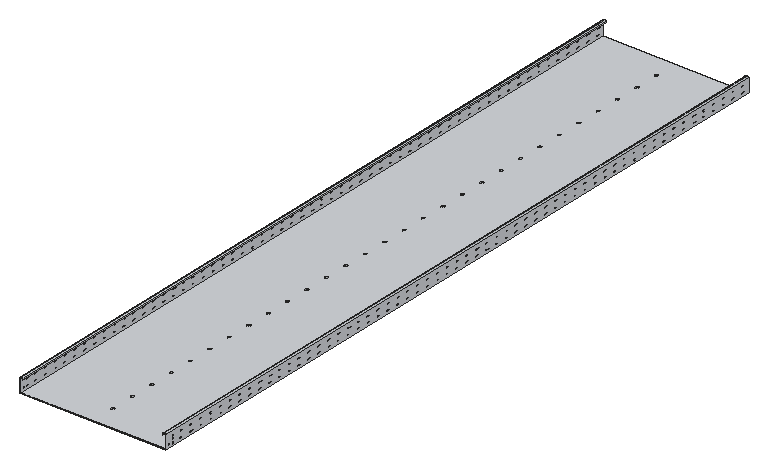
Revit family "Kabelrinne RKSM FT_615_620_630_640_650_660", category Generic Models, Revit 2017 (continued)
Dimensions and locks
  locked: cut or joined group 1 (Extrusion 1, Extrusion 5, Extrusion 8, Extrusion 10, Extrusion 11, Extrusion 13, Extrusion 14, Extrusion 15, Extrusion 16, Extrusion 17, Extrusion 18, Extrusion 19, Extrusion 20, Extrusion 21, Extrusion 22, Extrusion 23, Extrusion 24, Extrusion 25, Extrusion 26, Extrusion 27, Extrusion 28, Extrusion 29, Extrusion 30, Extrusion 31, Extrusion 32, Extrusion 33, Extrusion 34, Extrusion 35, Extrusion 36, Extrusion 37, Extrusion 38, Extrusion 39, Extrusion 40, Extrusion 41, Extrusion 42, Extrusion 43, Extrusion 44, Extrusion 45, Extrusion 46, Extrusion 47, Extrusion 48, Extrusion 49, Extrusion 50, Extrusion 51, Extrusion 52, Extrusion 53, Extrusion 54, Extrusion 55, Extrusion 56, Extrusion 57, Extrusion 58, Extrusion 59, Extrusion 60, Extrusion 61, Extrusion 62, Extrusion 63, Extrusion 64, Extrusion 65, Extrusion 66, Extrusion 67, Extrusion 68, Extrusion 69, Extrusion 70, Extrusion 71, Extrusion 72, Extrusion 73, Extrusion 74, Extrusion 75, Extrusion 76, Extrusion 77, Extrusion 78, Extrusion 79, Extrusion 80, Extrusion 81, Extrusion 82, Extrusion 83, Extrusion 84, Extrusion 85, Extrusion 86, Extrusion 87, Extrusion 88, Extrusion 89, Extrusion 90, Extrusion 91, Extrusion 92, Extrusion 93, Extrusion 94, Extrusion 95, Extrusion 96, Extrusion 97, Extrusion 98, Extrusion 99, Extrusion 100, Extrusion 101, Extrusion 102, Extrusion 103, Extrusion 104, Extrusion 105, Extrusion 106, Extrusion 107, Extrusion 108, Extrusion 109, Extrusion 110, Extrusion 111, Extrusion 112, Extrusion 113, Extrusion 114, Extrusion 115, Extrusion 116, Extrusion 117, Extrusion 118, Extrusion 119, Extrusion 120, Extrusion 121, Extrusion 122, Extrusion 123, Extrusion 124, Extrusion 125, Extrusion 126, Extrusion 127, Extrusion 128, Extrusion 129, Extrusion 130, Extrusion 131, Extrusion 132, Extrusion 133, Extrusion 134, Extrusion 135, Extrusion 136, Extrusion 137, Extrusion 138, Extrusion 139, Extrusion 140, Extrusion 141, Extrusion 142, Extrusion 143, Extrusion 144, Extrusion 145, Extrusion 146, Extrusion 147, Extrusion 148, Extrusion 149, Extrusion 150, Extrusion 151, Extrusion 152, Extrusion 153, Extrusion 154, Extrusion 155, Extrusion 156, Extrusion 157, Extrusion 158, Extrusion 159, Extrusion 160, Extrusion 161, Extrusion 162, Extrusion 163, Extrusion 164, Extrusion 165, Extrusion 166, Extrusion 167, Extrusion 168, Extrusion 169, Extrusion 170, Extrusion 171, Extrusion 172, Extrusion 173, Extrusion 174, Extrusion 175, Extrusion 176, Extrusion 177, Extrusion 178, Extrusion 179, Extrusion 180, Extrusion 181, Extrusion 182, Extrusion 183, Extrusion 184, Extrusion 185, Extrusion 186, Extrusion 187, Extrusion 188, Extrusion 189, Extrusion 190, Extrusion 191, Extrusion 192, Extrusion 193, Extrusion 194, Extrusion 195, Extrusion 196, Extrusion 197, Extrusion 198, Extrusion 199, Extrusion 200, Extrusion 201, Extrusion 202, Extrusion 203, Extrusion 204, Extrusion 205, Extrusion 206, Extrusion 207, Extrusion 208, Extrusion 209, Extrusion 210, Extrusion 211, Extrusion 212, Extrusion 213, Extrusion 214, Extrusion 215, Extrusion 216, Extrusion 217, Extrusion 218, Extrusion 219, Extrusion 220, Extrusion 221, Extrusion 222, Extrusion 223, Extrusion 224, Extrusion 225, Extrusion 226, Extrusion 227, Extrusion 228, Extrusion 229, Extrusion 230, Extrusion 231, Extrusion 232, Extrusion 233, Extrusion 234, Extrusion 235, Extrusion 236, Extrusion 237, Extrusion 238, Extrusion 239, Extrusion 240, Extrusion 241, Extrusion 242, Extrusion 243, Extrusion 244, Extrusion 245, Extrusion 246, Extrusion 247, Extrusion 248, Extrusion 249, Extrusion 250, Extrusion 251, Extrusion 252, Extrusion 253, Extrusion 254, Extrusion 255, Extrusion 256, Extrusion 257, Extrusion 258, Extrusion 259, Extrusion 260, Extrusion 261, Extrusion 262, Extrusion 263, Extrusion 264, Extrusion 265, Extrusion 266, Extrusion 267, Extrusion 268, Extrusion 269, Extrusion 270, Extrusion 271, Extrusion 272, Extrusion 273, Extrusion 274, Extrusion 275, Extrusion 276, Extrusion 277) to Extrusion 275 sketch curve at 34
  locked: Extrusion 275 sketch curve to Extrusion 275 sketch curve at 7
  locked: Extrusion 275 sketch curve to cut or joined group 1 at 28
  locked: Extrusion 275 sketch curve to cut or joined group 1 at 43
  locked: plane 22 to plane 21 at 1
  locked: cut or joined group 1 to cut or joined group 1 at 18
  locked: Extrusion 276 sketch curve to Extrusion 276 sketch curve at 8  (x2)
  locked: cut or joined group 1 to Extrusion 276 sketch curve at 21
  locked: cut or joined group 1 to Extrusion 276 sketch curve at 31.512
  locked: cut or joined group 1 to cut or joined group 1 at 5  (x2)
  locked: plane 23 to plane 24 at 1
  locked: Extrusion 277 sketch curve to Extrusion 277 sketch curve at 8
  locked: Extrusion 277 sketch curve to cut or joined group 1 at 31.5
  locked: cut or joined group 1 to Extrusion 277 sketch curve at 21
  locked: cut or joined group 1 to Extrusion 277 sketch curve at 8
  locked: plane 26 to plane 25 at 1
  radius of Extrusion 1 sketch curve = 6 mm  (x2)
  radius of Extrusion 241 sketch curve = 5.5 mm
  radius of Extrusion 242 sketch curve = 5.5 mm
  radius of Extrusion 243 sketch curve = 5.5 mm
  radius of Extrusion 244 sketch curve = 5.5 mm
  radius of Extrusion 245 sketch curve = 5.5 mm
  radius of Extrusion 246 sketch curve = 5.5 mm
  radius of Extrusion 247 sketch curve = 5.5 mm
  radius of Extrusion 248 sketch curve = 5.5 mm
  radius of Extrusion 249 sketch curve = 5.5 mm
  radius of Extrusion 250 sketch curve = 5.5 mm
  radius of Extrusion 251 sketch curve = 5.5 mm
  radius of Extrusion 252 sketch curve = 5.5 mm
  radius of Extrusion 253 sketch curve = 5.5 mm
  radius of Extrusion 254 sketch curve = 5.5 mm
  radius of Extrusion 255 sketch curve = 5.5 mm
  radius of Extrusion 256 sketch curve = 5.5 mm
  radius of Extrusion 257 sketch curve = 5.5 mm
  radius of Extrusion 258 sketch curve = 5.5 mm
  radius of Extrusion 259 sketch curve = 5.5 mm
  radius of Extrusion 260 sketch curve = 5.5 mm
  radius of Extrusion 261 sketch curve = 5.5 mm
  radius of Extrusion 262 sketch curve = 5.5 mm
  radius of Extrusion 263 sketch curve = 5.5 mm
  radius of Extrusion 264 sketch curve = 5.5 mm
  radius of Extrusion 265 sketch curve = 5.5 mm
  radius of Extrusion 266 sketch curve = 5.5 mm
  radius of Extrusion 267 sketch curve = 5.5 mm
  radius of Extrusion 268 sketch curve = 5.5 mm
  radius of Extrusion 269 sketch curve = 5.5 mm
  diameter of cut or joined group 1 = 11 mm  (x2)
  aligned and locked: level to plane 2
  aligned and locked: Extrusion 1 sketch curve to level
  aligned and locked: plane 5 to Extrusion 1 sketch curve
  aligned and locked: Extrusion 1 sketch curve to plane 5
  aligned and locked: Extrusion 1 to plane 10
  aligned and locked: Extrusion 1 to Extrusion 5  (x2)
  aligned and locked: Extrusion 5 sketch curve to Extrusion 5 sketch curve
  aligned and locked: Extrusion 8 sketch curve to Extrusion 8 sketch curve
  aligned and locked: Extrusion 9 sketch curve to Extrusion 9 sketch curve
  aligned and locked: Extrusion 1 to Extrusion 10  (x2)
